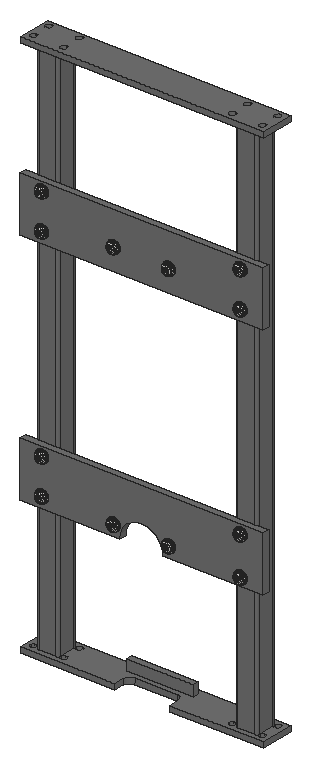
Revit family (continued)
Automatic sketch dimensions
  Extrusion 1 sketch curve to plane 4 = 1 3/8"  (x2)
  Extrusion 1 sketch curve to plane 13 = 5/8"  (x2)
  Extrusion 2 sketch curve to Extrusion 2 sketch curve = 1/4"  (x8)
  Extrusion 3 sketch curve to plane 10 = 0"
  Extrusion 3 sketch curve to plane 16 = 0"
  Revolve 4 sketch curve to plane 15 = 1.67288"
  Revolve 4 sketch curve to Revolve 4 sketch curve = 1.16722"
  Revolve 4 sketch curve to Revolve 4 sketch curve = 0.00469"
  Revolve 4 sketch curve to Revolve 4 sketch curve = 0.00968"
  Revolve 4 sketch curve to Revolve 4 sketch curve = 0.01429"
  Revolve 4 sketch curve to Revolve 4 sketch curve = 0.01792"
  Revolve 4 sketch curve to Revolve 4 sketch curve = 0.04036"
  Revolve 4 sketch curve to Revolve 4 sketch curve = 0.06466"
  Revolve 4 sketch curve to Revolve 4 sketch curve = 0.04467"
  Revolve 4 sketch curve to Revolve 4 sketch curve = 0.04997"
  Revolve 4 sketch curve to Revolve 4 sketch curve = 0.06708"
  Revolve 4 sketch curve to Revolve 4 sketch curve = 0.03549"
  Revolve 4 sketch curve to Revolve 4 sketch curve = 0.03428"
  Revolve 4 sketch curve to Revolve 4 sketch curve = 0.04657"
  Revolve 4 sketch curve to Revolve 4 sketch curve = 0.03407"
  Revolve 4 sketch curve to Revolve 4 sketch curve = 129/256"
  Revolve 4 sketch curve to Revolve 4 sketch curve = 0.00065"
  Revolve 4 sketch curve to Revolve 4 sketch curve = 0.00123"
  Revolve 4 sketch curve to Revolve 4 sketch curve = 0.0001"  (x2)
  Revolve 4 sketch curve to Revolve 4 sketch curve = 0.00012"  (x3)
  Revolve 4 sketch curve to Revolve 4 sketch curve = 0.00013"
  Revolve 4 sketch curve to Revolve 4 sketch curve = 0.00008"
  Revolve 4 sketch curve to Revolve 4 sketch curve = 0.00014"
  Revolve 4 sketch curve to Revolve 4 sketch curve = 0.00028"
  Revolve 4 sketch curve to Revolve 4 sketch curve = 0.00004"  (x2)
  Revolve 4 sketch curve to Revolve 4 sketch curve = 0.00016"
  Revolve 4 sketch curve to Revolve 4 sketch curve = 0.00015"
  Revolve 4 sketch curve to Revolve 4 sketch curve = 0.62489"
  Revolve 4 sketch curve to Revolve 4 sketch curve = 0.16422"
  Revolve 4 sketch curve to Revolve 4 sketch curve = 0.04653"
  Revolve 4 sketch curve to Revolve 4 sketch curve = 0.01228"
  Revolve 4 sketch curve to Revolve 4 sketch curve = 0.0031"
  Revolve 4 sketch curve to Revolve 4 sketch curve = 0"
  Revolve 4 sketch curve to Revolve 4 sketch curve = 0.00003"  (x3)
  Revolve 4 sketch curve to Revolve 4 sketch curve = 0.00006"
  Revolve 4 sketch curve to Revolve 4 sketch curve = 0.00025"
  Revolve 4 sketch curve to Revolve 4 sketch curve = 0.00019"
  Revolve 4 sketch curve to Revolve 4 sketch curve = 0.00034"
  Revolve 5 sketch curve to plane 15 = 1.67288"
  Revolve 5 sketch curve to Revolve 5 sketch curve = 1.16722"
  Revolve 5 sketch curve to Revolve 5 sketch curve = 0.00469"
  Revolve 5 sketch curve to Revolve 5 sketch curve = 0.00968"
  Revolve 5 sketch curve to Revolve 5 sketch curve = 0.01429"
  Revolve 5 sketch curve to Revolve 5 sketch curve = 0.01792"
  Revolve 5 sketch curve to Revolve 5 sketch curve = 0.04036"
  Revolve 5 sketch curve to Revolve 5 sketch curve = 0.06466"
  Revolve 5 sketch curve to Revolve 5 sketch curve = 0.04467"
  Revolve 5 sketch curve to Revolve 5 sketch curve = 0.04997"
  Revolve 5 sketch curve to Revolve 5 sketch curve = 0.06708"
  Revolve 5 sketch curve to Revolve 5 sketch curve = 0.03549"
  Revolve 5 sketch curve to Revolve 5 sketch curve = 0.03428"
  Revolve 5 sketch curve to Revolve 5 sketch curve = 0.04657"
  Revolve 5 sketch curve to Revolve 5 sketch curve = 0.03407"
  Revolve 5 sketch curve to Revolve 5 sketch curve = 129/256"
  Revolve 5 sketch curve to Revolve 5 sketch curve = 0.00065"
  Revolve 5 sketch curve to Revolve 5 sketch curve = 0.00123"
  Revolve 5 sketch curve to Revolve 5 sketch curve = 0.0001"  (x2)
  Revolve 5 sketch curve to Revolve 5 sketch curve = 0.00012"  (x2)
  Revolve 5 sketch curve to Revolve 5 sketch curve = 0.00013"
  Revolve 5 sketch curve to Revolve 5 sketch curve = 0.00008"
  Revolve 5 sketch curve to Revolve 5 sketch curve = 0.00014"
  Revolve 5 sketch curve to Revolve 5 sketch curve = 0.00028"
  Revolve 5 sketch curve to Revolve 5 sketch curve = 0.00004"
  Revolve 5 sketch curve to Revolve 5 sketch curve = 0.00016"
  Revolve 5 sketch curve to Revolve 5 sketch curve = 0.00015"
  Revolve 5 sketch curve to Revolve 5 sketch curve = 0.62489"
  Revolve 5 sketch curve to Revolve 5 sketch curve = 0.16422"
  Revolve 5 sketch curve to Revolve 5 sketch curve = 0.18696"
  Revolve 5 sketch curve to Revolve 5 sketch curve = 0.07686"
  Revolve 5 sketch curve to Revolve 5 sketch curve = 0.08089"
  Revolve 5 sketch curve to Revolve 5 sketch curve = 0.0401"
  Revolve 5 sketch curve to Revolve 5 sketch curve = 0.03491"
  Revolve 5 sketch curve to Revolve 5 sketch curve = 0.03431"
  Revolve 5 sketch curve to Revolve 5 sketch curve = 0.01331"
  Revolve 5 sketch curve to Revolve 5 sketch curve = 0.01003"
  Revolve 5 sketch curve to Revolve 5 sketch curve = 0.00949"
  Revolve 5 sketch curve to Revolve 5 sketch curve = 0.00407"
  Revolve 5 sketch curve to Revolve 5 sketch curve = 0.00177"
  Revolve 5 sketch curve to Revolve 5 sketch curve = 0.04979"
  Revolve 5 sketch curve to Revolve 5 sketch curve = 0.05891"
  Revolve 6 sketch curve to plane 22 = 3/4"
  Revolve 6 sketch curve to plane 15 = 1.67288"
  Revolve 6 sketch curve to Revolve 6 sketch curve = 1.16722"
  Revolve 6 sketch curve to Revolve 6 sketch curve = 0.00469"
  Revolve 6 sketch curve to Revolve 6 sketch curve = 0.00968"
  Revolve 6 sketch curve to Revolve 6 sketch curve = 0.01429"
  Revolve 6 sketch curve to Revolve 6 sketch curve = 0.01792"
  Revolve 6 sketch curve to Revolve 6 sketch curve = 0.04036"
  Revolve 6 sketch curve to Revolve 6 sketch curve = 0.06466"
  Revolve 6 sketch curve to Revolve 6 sketch curve = 0.04467"
  Revolve 6 sketch curve to Revolve 6 sketch curve = 0.04997"
  Revolve 6 sketch curve to Revolve 6 sketch curve = 0.06708"
  Revolve 6 sketch curve to Revolve 6 sketch curve = 0.03549"
  Revolve 6 sketch curve to Revolve 6 sketch curve = 0.03428"
  Revolve 6 sketch curve to Revolve 6 sketch curve = 0.04657"
  Revolve 6 sketch curve to Revolve 6 sketch curve = 0.03407"
  Revolve 6 sketch curve to Revolve 6 sketch curve = 129/256"
  Revolve 6 sketch curve to Revolve 6 sketch curve = 0.00065"
  Revolve 6 sketch curve to Revolve 6 sketch curve = 0.00123"
  Revolve 6 sketch curve to Revolve 6 sketch curve = 0.0001"  (x2)
  Revolve 6 sketch curve to Revolve 6 sketch curve = 0.00012"  (x3)
  Revolve 6 sketch curve to Revolve 6 sketch curve = 0.00013"
  Revolve 6 sketch curve to Revolve 6 sketch curve = 0.00008"
  Revolve 6 sketch curve to Revolve 6 sketch curve = 0.00014"
  Revolve 6 sketch curve to Revolve 6 sketch curve = 0.00028"
  Revolve 6 sketch curve to Revolve 6 sketch curve = 0.00004"  (x2)
  Revolve 6 sketch curve to Revolve 6 sketch curve = 0.00016"
  Revolve 6 sketch curve to Revolve 6 sketch curve = 0.00015"
  Revolve 6 sketch curve to Revolve 6 sketch curve = 0.62489"
  Revolve 6 sketch curve to Revolve 6 sketch curve = 0.16422"
  Revolve 6 sketch curve to Revolve 6 sketch curve = 0.04653"
  Revolve 6 sketch curve to Revolve 6 sketch curve = 0.01228"
  Revolve 6 sketch curve to Revolve 6 sketch curve = 0.0031"
  Revolve 6 sketch curve to Revolve 6 sketch curve = 0"
  Revolve 6 sketch curve to Revolve 6 sketch curve = 0.00003"  (x3)
  Revolve 6 sketch curve to Revolve 6 sketch curve = 0.00006"
  Revolve 6 sketch curve to Revolve 6 sketch curve = 0.00025"
  Revolve 6 sketch curve to Revolve 6 sketch curve = 0.00019"
  Revolve 6 sketch curve to Revolve 6 sketch curve = 0.00034"
  plane 10 to Revolve 7 sketch curve = 3/4"
  Revolve 7 sketch curve to plane 15 = 1.67288"
  Revolve 7 sketch curve to Revolve 7 sketch curve = 1.16722"
  Revolve 7 sketch curve to Revolve 7 sketch curve = 0.00469"
  Revolve 7 sketch curve to Revolve 7 sketch curve = 0.00968"
  Revolve 7 sketch curve to Revolve 7 sketch curve = 0.01429"
  Revolve 7 sketch curve to Revolve 7 sketch curve = 0.01792"
  Revolve 7 sketch curve to Revolve 7 sketch curve = 0.04036"
  Revolve 7 sketch curve to Revolve 7 sketch curve = 0.06466"
  Revolve 7 sketch curve to Revolve 7 sketch curve = 0.04467"
  Revolve 7 sketch curve to Revolve 7 sketch curve = 0.04997"
  Revolve 7 sketch curve to Revolve 7 sketch curve = 0.06708"
  Revolve 7 sketch curve to Revolve 7 sketch curve = 0.03549"
  Revolve 7 sketch curve to Revolve 7 sketch curve = 0.03428"
  Revolve 7 sketch curve to Revolve 7 sketch curve = 0.04657"
  Revolve 7 sketch curve to Revolve 7 sketch curve = 0.03407"
  Revolve 7 sketch curve to Revolve 7 sketch curve = 0.4992"
  Revolve 7 sketch curve to Revolve 7 sketch curve = 0.00065"
  Revolve 7 sketch curve to Revolve 7 sketch curve = 0.00123"
  Revolve 7 sketch curve to Revolve 7 sketch curve = 0.0001"  (x2)
  Revolve 7 sketch curve to Revolve 7 sketch curve = 0.00012"  (x2)
  Revolve 7 sketch curve to Revolve 7 sketch curve = 0.00013"
  Revolve 7 sketch curve to Revolve 7 sketch curve = 0.00008"
  Revolve 7 sketch curve to Revolve 7 sketch curve = 0.00014"
  Revolve 7 sketch curve to Revolve 7 sketch curve = 0.00028"
  Revolve 7 sketch curve to Revolve 7 sketch curve = 0.00004"
  Revolve 7 sketch curve to Revolve 7 sketch curve = 0.00016"
  Revolve 7 sketch curve to Revolve 7 sketch curve = 0.00015"
  Revolve 7 sketch curve to Revolve 7 sketch curve = 0.62489"
  Revolve 7 sketch curve to Revolve 7 sketch curve = 0.16422"
  Revolve 7 sketch curve to Revolve 7 sketch curve = 0.18696"
  Revolve 7 sketch curve to Revolve 7 sketch curve = 0.07686"
  Revolve 7 sketch curve to Revolve 7 sketch curve = 0.08089"
  Revolve 7 sketch curve to Revolve 7 sketch curve = 0.0401"
  Revolve 7 sketch curve to Revolve 7 sketch curve = 0.03491"
  Revolve 7 sketch curve to Revolve 7 sketch curve = 0.03431"
  Revolve 7 sketch curve to Revolve 7 sketch curve = 0.01331"
  Revolve 7 sketch curve to Revolve 7 sketch curve = 0.01003"
  Revolve 7 sketch curve to Revolve 7 sketch curve = 0.00949"
  Revolve 7 sketch curve to Revolve 7 sketch curve = 0.00407"
  Revolve 7 sketch curve to Revolve 7 sketch curve = 0.00177"
  Revolve 7 sketch curve to Revolve 7 sketch curve = 0.04979"
  Revolve 7 sketch curve to Revolve 7 sketch curve = 0.05891"
  Revolve 8 sketch curve to Revolve 8 sketch curve = 0.25556"
  Revolve 8 sketch curve to Revolve 8 sketch curve = 0.07686"
  Revolve 8 sketch curve to Revolve 8 sketch curve = 0.08089"
  Revolve 8 sketch curve to Revolve 8 sketch curve = 0.0401"
  Revolve 8 sketch curve to Revolve 8 sketch curve = 0.03491"
  Revolve 8 sketch curve to Revolve 8 sketch curve = 0.03431"
  Revolve 8 sketch curve to Revolve 8 sketch curve = 0.01331"
  Revolve 8 sketch curve to Revolve 8 sketch curve = 0.01003"
  Revolve 8 sketch curve to Revolve 8 sketch curve = 0.00949"
  Revolve 8 sketch curve to Revolve 8 sketch curve = 0.00407"
  Revolve 8 sketch curve to Revolve 8 sketch curve = 0.00177"
  Revolve 8 sketch curve to Revolve 8 sketch curve = 0.04979"
  Revolve 8 sketch curve to Revolve 8 sketch curve = 0.05891"
  Revolve 8 sketch curve to Revolve 8 sketch curve = 0.0686"
  Revolve 8 sketch curve to Revolve 8 sketch curve = 0.06289"
  Revolve 8 sketch curve to Revolve 8 sketch curve = 0.00004"
  Revolve 8 sketch curve to Revolve 8 sketch curve = 0.00034"
  Revolve 8 sketch curve to Revolve 8 sketch curve = 0.00019"
  Revolve 8 sketch curve to Revolve 8 sketch curve = 0.00012"  (x2)
  Revolve 8 sketch curve to Revolve 8 sketch curve = 0.00016"  (x2)
  Revolve 8 sketch curve to Revolve 8 sketch curve = 0.00006"
  Revolve 8 sketch curve to Revolve 8 sketch curve = 0.00003"  (x2)
  Revolve 8 sketch curve to Revolve 8 sketch curve = 0.00025"
  Revolve 8 sketch curve to Revolve 8 sketch curve = 0"  (x2)
  Revolve 8 sketch curve to Revolve 8 sketch curve = 0.0031"
  Revolve 8 sketch curve to Revolve 8 sketch curve = 0.01228"
  Revolve 8 sketch curve to plane 12 = 0.16422"
  Revolve 8 sketch curve to Revolve 8 sketch curve = 0.16422"
  Revolve 8 sketch curve to Revolve 8 sketch curve = 0.62362"
  Revolve 8 sketch curve to Revolve 8 sketch curve = 0.0001"
  Revolve 8 sketch curve to Revolve 8 sketch curve = 0.00015"
  Revolve 8 sketch curve to Revolve 8 sketch curve = 0.00008"  (x2)
  Revolve 8 sketch curve to Revolve 8 sketch curve = 0.00028"
  Revolve 8 sketch curve to Revolve 8 sketch curve = 0.00014"
  Revolve 8 sketch curve to Revolve 8 sketch curve = 0.00013"
  Revolve 8 sketch curve to Revolve 8 sketch curve = 0.00128"
  Revolve 8 sketch curve to Revolve 8 sketch curve = 0.00133"
  Revolve 8 sketch curve to Revolve 8 sketch curve = 0.00065"
  Revolve 8 sketch curve to Revolve 8 sketch curve = 1.16722"
  Revolve 9 sketch curve to Revolve 9 sketch curve = 0.25556"
  Revolve 9 sketch curve to Revolve 9 sketch curve = 0.07686"
  Revolve 9 sketch curve to Revolve 9 sketch curve = 0.08089"
  Revolve 9 sketch curve to Revolve 9 sketch curve = 0.0401"
  Revolve 9 sketch curve to Revolve 9 sketch curve = 0.03491"
  Revolve 9 sketch curve to Revolve 9 sketch curve = 0.03431"
  Revolve 9 sketch curve to Revolve 9 sketch curve = 0.01331"
  Revolve 9 sketch curve to Revolve 9 sketch curve = 0.01003"
  Revolve 9 sketch curve to Revolve 9 sketch curve = 0.00949"
  Revolve 9 sketch curve to Revolve 9 sketch curve = 0.00407"
  Revolve 9 sketch curve to Revolve 9 sketch curve = 0.00177"
  Revolve 9 sketch curve to Revolve 9 sketch curve = 0.04979"
  Revolve 9 sketch curve to Revolve 9 sketch curve = 0.05891"
  Revolve 9 sketch curve to Revolve 9 sketch curve = 0.0686"
  Revolve 9 sketch curve to Revolve 9 sketch curve = 0.06289"
  Revolve 9 sketch curve to Revolve 9 sketch curve = 0.00004"
  Revolve 9 sketch curve to Revolve 9 sketch curve = 0.00034"
  Revolve 9 sketch curve to Revolve 9 sketch curve = 0.00019"
  Revolve 9 sketch curve to Revolve 9 sketch curve = 0.00012"  (x2)
  Revolve 9 sketch curve to Revolve 9 sketch curve = 0.00016"  (x2)
  Revolve 9 sketch curve to Revolve 9 sketch curve = 0.00006"
  Revolve 9 sketch curve to Revolve 9 sketch curve = 0.00003"  (x2)
  Revolve 9 sketch curve to Revolve 9 sketch curve = 0.00025"
  Revolve 9 sketch curve to Revolve 9 sketch curve = 0"  (x2)
  Revolve 9 sketch curve to Revolve 9 sketch curve = 0.0031"
  Revolve 9 sketch curve to Revolve 9 sketch curve = 0.01228"
  Revolve 9 sketch curve to plane 12 = 0.16422"
  Revolve 9 sketch curve to Revolve 9 sketch curve = 0.16422"
  Revolve 9 sketch curve to Revolve 9 sketch curve = 0.62362"
  Revolve 9 sketch curve to Revolve 9 sketch curve = 0.0001"
  Revolve 9 sketch curve to Revolve 9 sketch curve = 0.00015"
  Revolve 9 sketch curve to Revolve 9 sketch curve = 0.00008"  (x2)
  Revolve 9 sketch curve to Revolve 9 sketch curve = 0.00028"
  Revolve 9 sketch curve to Revolve 9 sketch curve = 0.00014"
  Revolve 9 sketch curve to Revolve 9 sketch curve = 0.00013"
  Revolve 9 sketch curve to Revolve 9 sketch curve = 0.00128"
  Revolve 9 sketch curve to Revolve 9 sketch curve = 0.00133"
  Revolve 9 sketch curve to Revolve 9 sketch curve = 0.00065"
  Revolve 9 sketch curve to Revolve 9 sketch curve = 1.16722"
  Extrusion 10 sketch curve to plane 17 = 8 1/2"
  Extrusion 10 sketch curve to plane 18 = 8 1/2"
  Revolve 11 sketch curve to plane 15 = 1.67288"
  Revolve 11 sketch curve to Revolve 11 sketch curve = 1.16722"
  Revolve 11 sketch curve to Revolve 11 sketch curve = 0.00469"
  Revolve 11 sketch curve to Revolve 11 sketch curve = 0.00968"
  Revolve 11 sketch curve to Revolve 11 sketch curve = 0.01429"
  Revolve 11 sketch curve to Revolve 11 sketch curve = 0.01792"
  Revolve 11 sketch curve to Revolve 11 sketch curve = 0.04036"
  Revolve 11 sketch curve to Revolve 11 sketch curve = 0.06466"
  Revolve 11 sketch curve to Revolve 11 sketch curve = 0.04467"
  Revolve 11 sketch curve to Revolve 11 sketch curve = 0.04997"
  Revolve 11 sketch curve to Revolve 11 sketch curve = 0.06708"
  Revolve 11 sketch curve to Revolve 11 sketch curve = 0.03549"
  Revolve 11 sketch curve to Revolve 11 sketch curve = 0.03428"
  Revolve 11 sketch curve to Revolve 11 sketch curve = 0.04657"
  Revolve 11 sketch curve to Revolve 11 sketch curve = 0.03407"
  Revolve 11 sketch curve to Revolve 11 sketch curve = 129/256"
  Revolve 11 sketch curve to Revolve 11 sketch curve = 0.00065"
  Revolve 11 sketch curve to Revolve 11 sketch curve = 0.00123"
  Revolve 11 sketch curve to Revolve 11 sketch curve = 0.0001"  (x2)
  Revolve 11 sketch curve to Revolve 11 sketch curve = 0.00012"  (x3)
  Revolve 11 sketch curve to Revolve 11 sketch curve = 0.00013"
  Revolve 11 sketch curve to Revolve 11 sketch curve = 0.00008"
  Revolve 11 sketch curve to Revolve 11 sketch curve = 0.00014"
  Revolve 11 sketch curve to Revolve 11 sketch curve = 0.00028"
  Revolve 11 sketch curve to Revolve 11 sketch curve = 0.00004"  (x2)
  Revolve 11 sketch curve to Revolve 11 sketch curve = 0.00016"
  Revolve 11 sketch curve to Revolve 11 sketch curve = 0.00015"
  Revolve 11 sketch curve to Revolve 11 sketch curve = 0.62489"
  Revolve 11 sketch curve to Revolve 11 sketch curve = 0.16422"
  Revolve 11 sketch curve to Revolve 11 sketch curve = 0.04653"
  Revolve 11 sketch curve to Revolve 11 sketch curve = 0.01228"
  Revolve 11 sketch curve to Revolve 11 sketch curve = 0.0031"
  Revolve 11 sketch curve to Revolve 11 sketch curve = 0"
  Revolve 11 sketch curve to Revolve 11 sketch curve = 0.00003"  (x3)
  Revolve 11 sketch curve to Revolve 11 sketch curve = 0.00006"
  Revolve 11 sketch curve to Revolve 11 sketch curve = 0.00025"
  Revolve 11 sketch curve to Revolve 11 sketch curve = 0.00019"
  Revolve 11 sketch curve to Revolve 11 sketch curve = 0.00034"
  Revolve 12 sketch curve to plane 21 = 1"
  Revolve 12 sketch curve to plane 15 = 1.67288"
  Revolve 12 sketch curve to Revolve 12 sketch curve = 1.16722"
  Revolve 12 sketch curve to Revolve 12 sketch curve = 0.00469"
  Revolve 12 sketch curve to Revolve 12 sketch curve = 0.00968"
  Revolve 12 sketch curve to Revolve 12 sketch curve = 0.01429"
  Revolve 12 sketch curve to Revolve 12 sketch curve = 0.01792"
  Revolve 12 sketch curve to Revolve 12 sketch curve = 0.04036"
  Revolve 12 sketch curve to Revolve 12 sketch curve = 0.06466"
  Revolve 12 sketch curve to Revolve 12 sketch curve = 0.04467"
  Revolve 12 sketch curve to Revolve 12 sketch curve = 0.04997"
  Revolve 12 sketch curve to Revolve 12 sketch curve = 0.06708"
  Revolve 12 sketch curve to Revolve 12 sketch curve = 0.03549"
  Revolve 12 sketch curve to Revolve 12 sketch curve = 0.03428"
  Revolve 12 sketch curve to Revolve 12 sketch curve = 0.04657"
  Revolve 12 sketch curve to Revolve 12 sketch curve = 0.03407"
  Revolve 12 sketch curve to Revolve 12 sketch curve = 0.4992"
  Revolve 12 sketch curve to Revolve 12 sketch curve = 0.00065"
  Revolve 12 sketch curve to Revolve 12 sketch curve = 0.00123"
  Revolve 12 sketch curve to Revolve 12 sketch curve = 0.0001"  (x2)
  Revolve 12 sketch curve to Revolve 12 sketch curve = 0.00012"  (x2)
  Revolve 12 sketch curve to Revolve 12 sketch curve = 0.00013"
  Revolve 12 sketch curve to Revolve 12 sketch curve = 0.00008"
  Revolve 12 sketch curve to Revolve 12 sketch curve = 0.00014"
  Revolve 12 sketch curve to Revolve 12 sketch curve = 0.00028"
  Revolve 12 sketch curve to Revolve 12 sketch curve = 0.00004"
  Revolve 12 sketch curve to Revolve 12 sketch curve = 0.00016"
  Revolve 12 sketch curve to Revolve 12 sketch curve = 0.00015"
  Revolve 12 sketch curve to Revolve 12 sketch curve = 0.62489"
  Revolve 12 sketch curve to Revolve 12 sketch curve = 0.16422"
  Revolve 12 sketch curve to Revolve 12 sketch curve = 0.18696"
  Revolve 12 sketch curve to Revolve 12 sketch curve = 0.07686"
  Revolve 12 sketch curve to Revolve 12 sketch curve = 0.08089"
  Revolve 12 sketch curve to Revolve 12 sketch curve = 0.0401"
  Revolve 12 sketch curve to Revolve 12 sketch curve = 0.03491"
  Revolve 12 sketch curve to Revolve 12 sketch curve = 0.03431"
  Revolve 12 sketch curve to Revolve 12 sketch curve = 0.01331"
  Revolve 12 sketch curve to Revolve 12 sketch curve = 0.01003"
  Revolve 12 sketch curve to Revolve 12 sketch curve = 0.00949"
  Revolve 12 sketch curve to Revolve 12 sketch curve = 0.00407"
  Revolve 12 sketch curve to Revolve 12 sketch curve = 0.00177"
  Revolve 12 sketch curve to Revolve 12 sketch curve = 0.04979"
  Revolve 12 sketch curve to Revolve 12 sketch curve = 0.05891"
  plane 11 to Revolve 13 sketch curve = 1 3/4"
  Revolve 13 sketch curve to plane 15 = 1.67288"
  Revolve 13 sketch curve to Revolve 13 sketch curve = 1.16722"
  Revolve 13 sketch curve to Revolve 13 sketch curve = 0.00469"
  Revolve 13 sketch curve to Revolve 13 sketch curve = 0.00968"
  Revolve 13 sketch curve to Revolve 13 sketch curve = 0.01429"
  Revolve 13 sketch curve to Revolve 13 sketch curve = 0.01792"
  Revolve 13 sketch curve to Revolve 13 sketch curve = 0.04036"
  Revolve 13 sketch curve to Revolve 13 sketch curve = 0.06466"
  Revolve 13 sketch curve to Revolve 13 sketch curve = 0.04467"
  Revolve 13 sketch curve to Revolve 13 sketch curve = 0.04997"
  Revolve 13 sketch curve to Revolve 13 sketch curve = 0.06708"
  Revolve 13 sketch curve to Revolve 13 sketch curve = 0.03549"
  Revolve 13 sketch curve to Revolve 13 sketch curve = 0.03428"
  Revolve 13 sketch curve to Revolve 13 sketch curve = 0.04657"
  Revolve 13 sketch curve to Revolve 13 sketch curve = 0.03407"
  Revolve 13 sketch curve to Revolve 13 sketch curve = 129/256"
  Revolve 13 sketch curve to Revolve 13 sketch curve = 0.00065"
  Revolve 13 sketch curve to Revolve 13 sketch curve = 0.00123"
  Revolve 13 sketch curve to Revolve 13 sketch curve = 0.0001"  (x2)
  Revolve 13 sketch curve to Revolve 13 sketch curve = 0.00012"  (x3)
  Revolve 13 sketch curve to Revolve 13 sketch curve = 0.00013"
  Revolve 13 sketch curve to Revolve 13 sketch curve = 0.00008"
  Revolve 13 sketch curve to Revolve 13 sketch curve = 0.00014"
  Revolve 13 sketch curve to Revolve 13 sketch curve = 0.00028"
  Revolve 13 sketch curve to Revolve 13 sketch curve = 0.00004"  (x2)
  Revolve 13 sketch curve to Revolve 13 sketch curve = 0.00016"
  Revolve 13 sketch curve to Revolve 13 sketch curve = 0.00015"
  Revolve 13 sketch curve to Revolve 13 sketch curve = 0.62489"
  Revolve 13 sketch curve to Revolve 13 sketch curve = 0.16422"
  Revolve 13 sketch curve to Revolve 13 sketch curve = 0.04653"
  Revolve 13 sketch curve to Revolve 13 sketch curve = 0.01228"
  Revolve 13 sketch curve to Revolve 13 sketch curve = 0.0031"
  Revolve 13 sketch curve to Revolve 13 sketch curve = 0"
  Revolve 13 sketch curve to Revolve 13 sketch curve = 0.00003"  (x3)
  Revolve 13 sketch curve to Revolve 13 sketch curve = 0.00006"
  Revolve 13 sketch curve to Revolve 13 sketch curve = 0.00025"
  Revolve 13 sketch curve to Revolve 13 sketch curve = 0.00019"
  Revolve 13 sketch curve to Revolve 13 sketch curve = 0.00034"
  Revolve 14 sketch curve to plane 15 = 1.67288"
  Revolve 14 sketch curve to Revolve 14 sketch curve = 1.16722"
  Revolve 14 sketch curve to Revolve 14 sketch curve = 0.00469"
  Revolve 14 sketch curve to Revolve 14 sketch curve = 0.00968"
  Revolve 14 sketch curve to Revolve 14 sketch curve = 0.01429"
  Revolve 14 sketch curve to Revolve 14 sketch curve = 0.01792"
  Revolve 14 sketch curve to Revolve 14 sketch curve = 0.04036"
  Revolve 14 sketch curve to Revolve 14 sketch curve = 0.06466"
  Revolve 14 sketch curve to Revolve 14 sketch curve = 0.04467"
  Revolve 14 sketch curve to Revolve 14 sketch curve = 0.04997"
  Revolve 14 sketch curve to Revolve 14 sketch curve = 0.06708"
  Revolve 14 sketch curve to Revolve 14 sketch curve = 0.03549"
  Revolve 14 sketch curve to Revolve 14 sketch curve = 0.03428"
  Revolve 14 sketch curve to Revolve 14 sketch curve = 0.04657"
  Revolve 14 sketch curve to Revolve 14 sketch curve = 0.03407"
  Revolve 14 sketch curve to Revolve 14 sketch curve = 129/256"
  Revolve 14 sketch curve to Revolve 14 sketch curve = 0.00065"
  Revolve 14 sketch curve to Revolve 14 sketch curve = 0.00123"
  Revolve 14 sketch curve to Revolve 14 sketch curve = 0.0001"  (x2)
  Revolve 14 sketch curve to Revolve 14 sketch curve = 0.00012"  (x2)
  Revolve 14 sketch curve to Revolve 14 sketch curve = 0.00013"
  Revolve 14 sketch curve to Revolve 14 sketch curve = 0.00008"
  Revolve 14 sketch curve to Revolve 14 sketch curve = 0.00014"
  Revolve 14 sketch curve to Revolve 14 sketch curve = 0.00028"
  Revolve 14 sketch curve to Revolve 14 sketch curve = 0.00004"
  Revolve 14 sketch curve to Revolve 14 sketch curve = 0.00016"
  Revolve 14 sketch curve to Revolve 14 sketch curve = 0.00015"
  Revolve 14 sketch curve to Revolve 14 sketch curve = 0.62489"
  Revolve 14 sketch curve to Revolve 14 sketch curve = 0.16422"
  Revolve 14 sketch curve to Revolve 14 sketch curve = 0.18696"
  Revolve 14 sketch curve to Revolve 14 sketch curve = 0.07686"
  Revolve 14 sketch curve to Revolve 14 sketch curve = 0.08089"
  Revolve 14 sketch curve to Revolve 14 sketch curve = 0.0401"
  Revolve 14 sketch curve to Revolve 14 sketch curve = 0.03491"
  Revolve 14 sketch curve to Revolve 14 sketch curve = 0.03431"
  Revolve 14 sketch curve to Revolve 14 sketch curve = 0.01331"
  Revolve 14 sketch curve to Revolve 14 sketch curve = 0.01003"
  Revolve 14 sketch curve to Revolve 14 sketch curve = 0.00949"
  Revolve 14 sketch curve to Revolve 14 sketch curve = 0.00407"
  Revolve 14 sketch curve to Revolve 14 sketch curve = 0.00177"
  Revolve 14 sketch curve to Revolve 14 sketch curve = 0.04979"
  Revolve 14 sketch curve to Revolve 14 sketch curve = 0.05891"
  Revolve 15 sketch curve to Revolve 15 sketch curve = 0.25556"
  Revolve 15 sketch curve to Revolve 15 sketch curve = 0.07686"
  Revolve 15 sketch curve to Revolve 15 sketch curve = 0.08089"
  Revolve 15 sketch curve to Revolve 15 sketch curve = 0.0401"
  Revolve 15 sketch curve to Revolve 15 sketch curve = 0.03491"
  Revolve 15 sketch curve to Revolve 15 sketch curve = 0.03431"
  Revolve 15 sketch curve to Revolve 15 sketch curve = 0.01331"
  Revolve 15 sketch curve to Revolve 15 sketch curve = 0.01003"
  Revolve 15 sketch curve to Revolve 15 sketch curve = 0.00949"
  Revolve 15 sketch curve to Revolve 15 sketch curve = 0.00407"
  Revolve 15 sketch curve to Revolve 15 sketch curve = 0.00177"
  Revolve 15 sketch curve to Revolve 15 sketch curve = 0.04979"
  Revolve 15 sketch curve to Revolve 15 sketch curve = 0.05891"
  Revolve 15 sketch curve to Revolve 15 sketch curve = 0.0686"
  Revolve 15 sketch curve to Revolve 15 sketch curve = 0.06289"
  Revolve 15 sketch curve to Revolve 15 sketch curve = 0.00004"
  Revolve 15 sketch curve to Revolve 15 sketch curve = 0.00034"
  Revolve 15 sketch curve to Revolve 15 sketch curve = 0.00019"
  Revolve 15 sketch curve to Revolve 15 sketch curve = 0.00012"  (x2)
  Revolve 15 sketch curve to Revolve 15 sketch curve = 0.00016"  (x2)
  Revolve 15 sketch curve to Revolve 15 sketch curve = 0.00006"
  Revolve 15 sketch curve to Revolve 15 sketch curve = 0.00003"  (x2)
  Revolve 15 sketch curve to Revolve 15 sketch curve = 0.00025"
  Revolve 15 sketch curve to Revolve 15 sketch curve = 0"  (x2)
  Revolve 15 sketch curve to Revolve 15 sketch curve = 0.0031"
  Revolve 15 sketch curve to Revolve 15 sketch curve = 0.01228"
  Revolve 15 sketch curve to plane 12 = 0.16422"
  Revolve 15 sketch curve to Revolve 15 sketch curve = 0.16422"
  Revolve 15 sketch curve to Revolve 15 sketch curve = 0.62362"
  Revolve 15 sketch curve to Revolve 15 sketch curve = 0.0001"
  Revolve 15 sketch curve to Revolve 15 sketch curve = 0.00015"
  Revolve 15 sketch curve to Revolve 15 sketch curve = 0.00008"  (x2)
  Revolve 15 sketch curve to Revolve 15 sketch curve = 0.00028"
  Revolve 15 sketch curve to Revolve 15 sketch curve = 0.00014"
  Revolve 15 sketch curve to Revolve 15 sketch curve = 0.00013"
  Revolve 15 sketch curve to Revolve 15 sketch curve = 0.00128"
  Revolve 15 sketch curve to Revolve 15 sketch curve = 0.00133"
  Revolve 15 sketch curve to Revolve 15 sketch curve = 0.00065"
  Revolve 15 sketch curve to Revolve 15 sketch curve = 1.16722"
  Revolve 16 sketch curve to Revolve 16 sketch curve = 0.25556"
  Revolve 16 sketch curve to Revolve 16 sketch curve = 0.07686"
  Revolve 16 sketch curve to Revolve 16 sketch curve = 0.08089"
  Revolve 16 sketch curve to Revolve 16 sketch curve = 0.0401"
  Revolve 16 sketch curve to Revolve 16 sketch curve = 0.03491"
  Revolve 16 sketch curve to Revolve 16 sketch curve = 0.03431"
  Revolve 16 sketch curve to Revolve 16 sketch curve = 0.01331"
  Revolve 16 sketch curve to Revolve 16 sketch curve = 0.01003"
  Revolve 16 sketch curve to Revolve 16 sketch curve = 0.00949"
  Revolve 16 sketch curve to Revolve 16 sketch curve = 0.00407"
  Revolve 16 sketch curve to Revolve 16 sketch curve = 0.00177"
  Revolve 16 sketch curve to Revolve 16 sketch curve = 0.04979"
  Revolve 16 sketch curve to Revolve 16 sketch curve = 0.05891"
  Revolve 16 sketch curve to Revolve 16 sketch curve = 0.0686"
  Revolve 16 sketch curve to Revolve 16 sketch curve = 0.06289"
  Revolve 16 sketch curve to Revolve 16 sketch curve = 0.00004"
  Revolve 16 sketch curve to Revolve 16 sketch curve = 0.00034"
  Revolve 16 sketch curve to Revolve 16 sketch curve = 0.00019"
  Revolve 16 sketch curve to Revolve 16 sketch curve = 0.00012"  (x2)
  Revolve 16 sketch curve to Revolve 16 sketch curve = 0.00016"  (x2)
  Revolve 16 sketch curve to Revolve 16 sketch curve = 0.00006"
  Revolve 16 sketch curve to Revolve 16 sketch curve = 0.00003"  (x2)
  Revolve 16 sketch curve to Revolve 16 sketch curve = 0.00025"
  Revolve 16 sketch curve to Revolve 16 sketch curve = 0"  (x2)
  Revolve 16 sketch curve to Revolve 16 sketch curve = 0.0031"
  Revolve 16 sketch curve to Revolve 16 sketch curve = 0.01228"
  Revolve 16 sketch curve to plane 12 = 0.16422"
  Revolve 16 sketch curve to Revolve 16 sketch curve = 0.16422"
  Revolve 16 sketch curve to Revolve 16 sketch curve = 0.62362"
  Revolve 16 sketch curve to Revolve 16 sketch curve = 0.0001"
  Revolve 16 sketch curve to Revolve 16 sketch curve = 0.00015"
  Revolve 16 sketch curve to Revolve 16 sketch curve = 0.00008"  (x2)
  Revolve 16 sketch curve to Revolve 16 sketch curve = 0.00028"
  Revolve 16 sketch curve to Revolve 16 sketch curve = 0.00014"
  Revolve 16 sketch curve to Revolve 16 sketch curve = 0.00013"
  Revolve 16 sketch curve to Revolve 16 sketch curve = 0.00128"
  Revolve 16 sketch curve to Revolve 16 sketch curve = 0.00133"
  Revolve 16 sketch curve to Revolve 16 sketch curve = 0.00065"
  Revolve 16 sketch curve to Revolve 16 sketch curve = 1.16722"
  Extrusion 21 sketch curve to plane 21 = 0"
  Extrusion 21 sketch curve to plane 17 = 8 1/2"
  Extrusion 21 sketch curve to plane 18 = 8 1/2"
  plane 22 to Revolve 22 sketch curve = 3/4"
  Revolve 22 sketch curve to plane 7 = 1.67288"
  Revolve 22 sketch curve to Revolve 22 sketch curve = 1.16722"
  Revolve 22 sketch curve to Revolve 22 sketch curve = 0.00469"
  Revolve 22 sketch curve to Revolve 22 sketch curve = 0.00968"
  Revolve 22 sketch curve to Revolve 22 sketch curve = 0.01429"
  Revolve 22 sketch curve to Revolve 22 sketch curve = 0.01792"
  Revolve 22 sketch curve to Revolve 22 sketch curve = 0.04036"
  Revolve 22 sketch curve to Revolve 22 sketch curve = 0.06466"
  Revolve 22 sketch curve to Revolve 22 sketch curve = 0.04467"
  Revolve 22 sketch curve to Revolve 22 sketch curve = 0.04997"
  Revolve 22 sketch curve to Revolve 22 sketch curve = 0.06708"
  Revolve 22 sketch curve to Revolve 22 sketch curve = 0.03549"
  Revolve 22 sketch curve to Revolve 22 sketch curve = 0.03428"
  Revolve 22 sketch curve to Revolve 22 sketch curve = 0.04657"
  Revolve 22 sketch curve to Revolve 22 sketch curve = 0.03407"
  Revolve 22 sketch curve to Revolve 22 sketch curve = 129/256"
  Revolve 22 sketch curve to Revolve 22 sketch curve = 0.00065"
  Revolve 22 sketch curve to Revolve 22 sketch curve = 0.00123"
  Revolve 22 sketch curve to Revolve 22 sketch curve = 0.0001"  (x2)
  Revolve 22 sketch curve to Revolve 22 sketch curve = 0.00012"  (x2)
  Revolve 22 sketch curve to Revolve 22 sketch curve = 0.00013"
  Revolve 22 sketch curve to Revolve 22 sketch curve = 0.00008"
  Revolve 22 sketch curve to Revolve 22 sketch curve = 0.00014"
  Revolve 22 sketch curve to Revolve 22 sketch curve = 0.00028"
  Revolve 22 sketch curve to Revolve 22 sketch curve = 0.00004"
  Revolve 22 sketch curve to Revolve 22 sketch curve = 0.00016"
  Revolve 22 sketch curve to Revolve 22 sketch curve = 0.00015"
  Revolve 22 sketch curve to Revolve 22 sketch curve = 0.62489"
  Revolve 22 sketch curve to Revolve 22 sketch curve = 0.16422"
  Revolve 22 sketch curve to Revolve 22 sketch curve = 0.18696"
  Revolve 22 sketch curve to Revolve 22 sketch curve = 0.07686"
  Revolve 22 sketch curve to Revolve 22 sketch curve = 0.08089"
  Revolve 22 sketch curve to Revolve 22 sketch curve = 0.0401"
  Revolve 22 sketch curve to Revolve 22 sketch curve = 0.03491"
  Revolve 22 sketch curve to Revolve 22 sketch curve = 0.03431"
  Revolve 22 sketch curve to Revolve 22 sketch curve = 0.01331"
  Revolve 22 sketch curve to Revolve 22 sketch curve = 0.01003"
  Revolve 22 sketch curve to Revolve 22 sketch curve = 0.00949"
  Revolve 22 sketch curve to Revolve 22 sketch curve = 0.00407"
  Revolve 22 sketch curve to Revolve 22 sketch curve = 0.00177"
  Revolve 22 sketch curve to Revolve 22 sketch curve = 0.04979"
  Revolve 22 sketch curve to Revolve 22 sketch curve = 0.05891"
  Revolve 23 sketch curve to plane 10 = 1"
  Revolve 23 sketch curve to plane 7 = 1.67288"
  Revolve 23 sketch curve to Revolve 23 sketch curve = 1.16722"
  Revolve 23 sketch curve to Revolve 23 sketch curve = 0.00469"
  Revolve 23 sketch curve to Revolve 23 sketch curve = 0.00968"
  Revolve 23 sketch curve to Revolve 23 sketch curve = 0.01429"
  Revolve 23 sketch curve to Revolve 23 sketch curve = 0.01792"
  Revolve 23 sketch curve to Revolve 23 sketch curve = 0.04036"
  Revolve 23 sketch curve to Revolve 23 sketch curve = 0.06466"
  Revolve 23 sketch curve to Revolve 23 sketch curve = 0.04467"
  Revolve 23 sketch curve to Revolve 23 sketch curve = 0.04997"
  Revolve 23 sketch curve to Revolve 23 sketch curve = 0.06708"
  Revolve 23 sketch curve to Revolve 23 sketch curve = 0.03549"
  Revolve 23 sketch curve to Revolve 23 sketch curve = 0.03428"
  Revolve 23 sketch curve to Revolve 23 sketch curve = 0.04657"
  Revolve 23 sketch curve to Revolve 23 sketch curve = 0.03407"
  Revolve 23 sketch curve to Revolve 23 sketch curve = 129/256"
  Revolve 23 sketch curve to Revolve 23 sketch curve = 0.00065"
  Revolve 23 sketch curve to Revolve 23 sketch curve = 0.00123"
  Revolve 23 sketch curve to Revolve 23 sketch curve = 0.0001"  (x2)
  Revolve 23 sketch curve to Revolve 23 sketch curve = 0.00012"  (x3)
  Revolve 23 sketch curve to Revolve 23 sketch curve = 0.00013"
  Revolve 23 sketch curve to Revolve 23 sketch curve = 0.00008"
  Revolve 23 sketch curve to Revolve 23 sketch curve = 0.00014"
  Revolve 23 sketch curve to Revolve 23 sketch curve = 0.00028"
  Revolve 23 sketch curve to Revolve 23 sketch curve = 0.00004"  (x2)
  Revolve 23 sketch curve to Revolve 23 sketch curve = 0.00016"
  Revolve 23 sketch curve to Revolve 23 sketch curve = 0.00015"
  Revolve 23 sketch curve to Revolve 23 sketch curve = 0.62489"
  Revolve 23 sketch curve to Revolve 23 sketch curve = 0.16422"
  Revolve 23 sketch curve to Revolve 23 sketch curve = 0.04653"
  Revolve 23 sketch curve to Revolve 23 sketch curve = 0.01228"
  Revolve 23 sketch curve to Revolve 23 sketch curve = 0.0031"
  Revolve 23 sketch curve to Revolve 23 sketch curve = 0"
  Revolve 23 sketch curve to Revolve 23 sketch curve = 0.00003"  (x3)
  Revolve 23 sketch curve to Revolve 23 sketch curve = 0.00006"
  Revolve 23 sketch curve to Revolve 23 sketch curve = 0.00025"
  Revolve 23 sketch curve to Revolve 23 sketch curve = 0.00019"
  Revolve 23 sketch curve to Revolve 23 sketch curve = 0.00034"
  Revolve 24 sketch curve to plane 11 = 1 3/4"
  Revolve 24 sketch curve to plane 7 = 1.67288"
  Revolve 24 sketch curve to Revolve 24 sketch curve = 1.16722"
  Revolve 24 sketch curve to Revolve 24 sketch curve = 0.00469"
  Revolve 24 sketch curve to Revolve 24 sketch curve = 0.00968"
  Revolve 24 sketch curve to Revolve 24 sketch curve = 0.01429"
  Revolve 24 sketch curve to Revolve 24 sketch curve = 0.01792"
  Revolve 24 sketch curve to Revolve 24 sketch curve = 0.04036"
  Revolve 24 sketch curve to Revolve 24 sketch curve = 0.06466"
  Revolve 24 sketch curve to Revolve 24 sketch curve = 0.04467"
  Revolve 24 sketch curve to Revolve 24 sketch curve = 0.04997"
  Revolve 24 sketch curve to Revolve 24 sketch curve = 0.06708"
  Revolve 24 sketch curve to Revolve 24 sketch curve = 0.03549"
  Revolve 24 sketch curve to Revolve 24 sketch curve = 0.03428"
  Revolve 24 sketch curve to Revolve 24 sketch curve = 0.04657"
  Revolve 24 sketch curve to Revolve 24 sketch curve = 0.03407"
  Revolve 24 sketch curve to Revolve 24 sketch curve = 129/256"
  Revolve 24 sketch curve to Revolve 24 sketch curve = 0.00065"
  Revolve 24 sketch curve to Revolve 24 sketch curve = 0.00123"
  Revolve 24 sketch curve to Revolve 24 sketch curve = 0.0001"  (x2)
  Revolve 24 sketch curve to Revolve 24 sketch curve = 0.00012"  (x2)
  Revolve 24 sketch curve to Revolve 24 sketch curve = 0.00013"
  Revolve 24 sketch curve to Revolve 24 sketch curve = 0.00008"
  Revolve 24 sketch curve to Revolve 24 sketch curve = 0.00014"
  Revolve 24 sketch curve to Revolve 24 sketch curve = 0.00028"
  Revolve 24 sketch curve to Revolve 24 sketch curve = 0.00004"
  Revolve 24 sketch curve to Revolve 24 sketch curve = 0.00016"
  Revolve 24 sketch curve to Revolve 24 sketch curve = 0.00015"
  Revolve 24 sketch curve to Revolve 24 sketch curve = 0.62489"
  Revolve 24 sketch curve to Revolve 24 sketch curve = 0.16422"
  Revolve 24 sketch curve to Revolve 24 sketch curve = 0.18696"
  Revolve 24 sketch curve to Revolve 24 sketch curve = 0.07686"
  Revolve 24 sketch curve to Revolve 24 sketch curve = 0.08089"
  Revolve 24 sketch curve to Revolve 24 sketch curve = 0.0401"
  Revolve 24 sketch curve to Revolve 24 sketch curve = 0.03491"
  Revolve 24 sketch curve to Revolve 24 sketch curve = 0.03431"
  Revolve 24 sketch curve to Revolve 24 sketch curve = 0.01331"
  Revolve 24 sketch curve to Revolve 24 sketch curve = 0.01003"
  Revolve 24 sketch curve to Revolve 24 sketch curve = 0.00949"
  Revolve 24 sketch curve to Revolve 24 sketch curve = 0.00407"
  Revolve 24 sketch curve to Revolve 24 sketch curve = 0.00177"
  Revolve 24 sketch curve to Revolve 24 sketch curve = 0.04979"
  Revolve 24 sketch curve to Revolve 24 sketch curve = 0.05891"
  Revolve 25 sketch curve to plane 21 = 1"
  Revolve 25 sketch curve to plane 7 = 1.67288"
  Revolve 25 sketch curve to Revolve 25 sketch curve = 1.16722"
  Revolve 25 sketch curve to Revolve 25 sketch curve = 0.00469"
  Revolve 25 sketch curve to Revolve 25 sketch curve = 0.00968"
  Revolve 25 sketch curve to Revolve 25 sketch curve = 0.01429"
  Revolve 25 sketch curve to Revolve 25 sketch curve = 0.01792"
  Revolve 25 sketch curve to Revolve 25 sketch curve = 0.04036"
  Revolve 25 sketch curve to Revolve 25 sketch curve = 0.06466"
  Revolve 25 sketch curve to Revolve 25 sketch curve = 0.04467"
  Revolve 25 sketch curve to Revolve 25 sketch curve = 0.04997"
  Revolve 25 sketch curve to Revolve 25 sketch curve = 0.06708"
  Revolve 25 sketch curve to Revolve 25 sketch curve = 0.03549"
  Revolve 25 sketch curve to Revolve 25 sketch curve = 0.03428"
  Revolve 25 sketch curve to Revolve 25 sketch curve = 0.04657"
  Revolve 25 sketch curve to Revolve 25 sketch curve = 0.03407"
  Revolve 25 sketch curve to Revolve 25 sketch curve = 0.4992"
  Revolve 25 sketch curve to Revolve 25 sketch curve = 0.00065"
  Revolve 25 sketch curve to Revolve 25 sketch curve = 0.00123"
  Revolve 25 sketch curve to Revolve 25 sketch curve = 0.0001"  (x2)
  Revolve 25 sketch curve to Revolve 25 sketch curve = 0.00012"  (x3)
  Revolve 25 sketch curve to Revolve 25 sketch curve = 0.00013"
  Revolve 25 sketch curve to Revolve 25 sketch curve = 0.00008"
  Revolve 25 sketch curve to Revolve 25 sketch curve = 0.00014"
  Revolve 25 sketch curve to Revolve 25 sketch curve = 0.00028"
  Revolve 25 sketch curve to Revolve 25 sketch curve = 0.00004"  (x2)
  Revolve 25 sketch curve to Revolve 25 sketch curve = 0.00016"
  Revolve 25 sketch curve to Revolve 25 sketch curve = 0.00015"
  Revolve 25 sketch curve to Revolve 25 sketch curve = 0.62489"
  Revolve 25 sketch curve to Revolve 25 sketch curve = 0.16422"
  Revolve 25 sketch curve to Revolve 25 sketch curve = 0.04653"
  Revolve 25 sketch curve to Revolve 25 sketch curve = 0.01228"
  Revolve 25 sketch curve to Revolve 25 sketch curve = 0.0031"
  Revolve 25 sketch curve to Revolve 25 sketch curve = 0"
  Revolve 25 sketch curve to Revolve 25 sketch curve = 0.00003"  (x3)
  Revolve 25 sketch curve to Revolve 25 sketch curve = 0.00006"
  Revolve 25 sketch curve to Revolve 25 sketch curve = 0.00025"
  Revolve 25 sketch curve to Revolve 25 sketch curve = 0.00019"
  Revolve 25 sketch curve to Revolve 25 sketch curve = 0.00034"
  plane 10 to Revolve 26 sketch curve = 0.4387"
  Revolve 26 sketch curve to Revolve 26 sketch curve = 0.00177"
  Revolve 26 sketch curve to Revolve 26 sketch curve = 0.00407"
  Revolve 26 sketch curve to Revolve 26 sketch curve = 0.00949"
  Revolve 26 sketch curve to Revolve 26 sketch curve = 0.01003"
  Revolve 26 sketch curve to Revolve 26 sketch curve = 0.01331"
  Revolve 26 sketch curve to Revolve 26 sketch curve = 0.03431"
  Revolve 26 sketch curve to Revolve 26 sketch curve = 0.03491"
  Revolve 26 sketch curve to Revolve 26 sketch curve = 0.0401"
  Revolve 26 sketch curve to Revolve 26 sketch curve = 0.08089"
  Revolve 26 sketch curve to Revolve 26 sketch curve = 0.07686"
  Revolve 26 sketch curve to Revolve 26 sketch curve = 0.3113"
  Revolve 26 sketch curve to Revolve 26 sketch curve = 0.04979"
  Revolve 26 sketch curve to Revolve 26 sketch curve = 0.05891"
  Revolve 26 sketch curve to Revolve 26 sketch curve = 0.0686"
  Revolve 26 sketch curve to Revolve 26 sketch curve = 0.06289"
  Revolve 26 sketch curve to Revolve 26 sketch curve = 0.00004"
  Revolve 26 sketch curve to Revolve 26 sketch curve = 0.00034"
  Revolve 26 sketch curve to Revolve 26 sketch curve = 0.00019"
  Revolve 26 sketch curve to Revolve 26 sketch curve = 0.00012"
  Revolve 26 sketch curve to Revolve 26 sketch curve = 0.00016"
  Revolve 26 sketch curve to Revolve 26 sketch curve = 0.00006"
  Revolve 26 sketch curve to Revolve 26 sketch curve = 0.00003"  (x2)
  Revolve 26 sketch curve to Revolve 26 sketch curve = 0.00025"
  Revolve 26 sketch curve to Revolve 26 sketch curve = 0"
  Revolve 26 sketch curve to Revolve 26 sketch curve = 0.0031"
  Revolve 26 sketch curve to Revolve 26 sketch curve = 0.01228"
  Revolve 26 sketch curve to plane 7 = 1.67288"
  Revolve 26 sketch curve to Revolve 26 sketch curve = 1.16722"
  Revolve 26 sketch curve to Revolve 26 sketch curve = 0.00469"
  Revolve 26 sketch curve to Revolve 26 sketch curve = 0.00968"
  Revolve 26 sketch curve to Revolve 26 sketch curve = 0.01429"
  Revolve 26 sketch curve to Revolve 26 sketch curve = 0.01792"
  Revolve 26 sketch curve to Revolve 26 sketch curve = 0.04036"
  Revolve 26 sketch curve to Revolve 26 sketch curve = 0.06466"
  Revolve 26 sketch curve to Revolve 26 sketch curve = 0.04467"
  Revolve 26 sketch curve to Revolve 26 sketch curve = 0.04997"
  Revolve 26 sketch curve to Revolve 26 sketch curve = 0.06708"
  Revolve 26 sketch curve to Revolve 26 sketch curve = 0.03549"
  Revolve 26 sketch curve to Revolve 26 sketch curve = 0.03428"
  Revolve 26 sketch curve to Revolve 26 sketch curve = 0.04657"
  Revolve 26 sketch curve to Revolve 26 sketch curve = 0.03407"
  Revolve 26 sketch curve to Revolve 26 sketch curve = 0.49989"
  Revolve 26 sketch curve to Revolve 26 sketch curve = 0.28922"
  Revolve 27 sketch curve to plane 11 = 1.0613"
  Revolve 27 sketch curve to Revolve 27 sketch curve = 0.00177"
  Revolve 27 sketch curve to Revolve 27 sketch curve = 0.00407"
  Revolve 27 sketch curve to Revolve 27 sketch curve = 0.00949"
  Revolve 27 sketch curve to Revolve 27 sketch curve = 0.01003"
  Revolve 27 sketch curve to Revolve 27 sketch curve = 0.01331"
  Revolve 27 sketch curve to Revolve 27 sketch curve = 0.03431"
  Revolve 27 sketch curve to Revolve 27 sketch curve = 0.03491"
  Revolve 27 sketch curve to Revolve 27 sketch curve = 0.0401"
  Revolve 27 sketch curve to Revolve 27 sketch curve = 0.08089"
  Revolve 27 sketch curve to Revolve 27 sketch curve = 0.07686"
  Revolve 27 sketch curve to Revolve 27 sketch curve = 0.3113"
  Revolve 27 sketch curve to Revolve 27 sketch curve = 0.04979"
  Revolve 27 sketch curve to Revolve 27 sketch curve = 0.05891"
  Revolve 27 sketch curve to Revolve 27 sketch curve = 0.0686"
  Revolve 27 sketch curve to Revolve 27 sketch curve = 0.06289"
  Revolve 27 sketch curve to Revolve 27 sketch curve = 0.00004"
  Revolve 27 sketch curve to Revolve 27 sketch curve = 0.00034"
  Revolve 27 sketch curve to Revolve 27 sketch curve = 0.00019"
  Revolve 27 sketch curve to Revolve 27 sketch curve = 0.00012"
  Revolve 27 sketch curve to Revolve 27 sketch curve = 0.00016"
  Revolve 27 sketch curve to Revolve 27 sketch curve = 0.00006"
  Revolve 27 sketch curve to Revolve 27 sketch curve = 0.00003"  (x2)
  Revolve 27 sketch curve to Revolve 27 sketch curve = 0.00025"
  Revolve 27 sketch curve to Revolve 27 sketch curve = 0"
  Revolve 27 sketch curve to Revolve 27 sketch curve = 0.0031"
  Revolve 27 sketch curve to Revolve 27 sketch curve = 0.01228"
  Revolve 27 sketch curve to plane 7 = 1.67288"
  Revolve 27 sketch curve to Revolve 27 sketch curve = 1.16722"
  Revolve 27 sketch curve to Revolve 27 sketch curve = 0.00469"
  Revolve 27 sketch curve to Revolve 27 sketch curve = 0.00968"
  Revolve 27 sketch curve to Revolve 27 sketch curve = 0.01429"
  Revolve 27 sketch curve to Revolve 27 sketch curve = 0.01792"
  Revolve 27 sketch curve to Revolve 27 sketch curve = 0.04036"
  Revolve 27 sketch curve to Revolve 27 sketch curve = 0.06466"
  Revolve 27 sketch curve to Revolve 27 sketch curve = 0.04467"
  Revolve 27 sketch curve to Revolve 27 sketch curve = 0.04997"
  Revolve 27 sketch curve to Revolve 27 sketch curve = 0.06708"
  Revolve 27 sketch curve to Revolve 27 sketch curve = 0.03549"
  Revolve 27 sketch curve to Revolve 27 sketch curve = 0.03428"
  Revolve 27 sketch curve to Revolve 27 sketch curve = 0.04657"
  Revolve 27 sketch curve to Revolve 27 sketch curve = 0.03407"
  Revolve 27 sketch curve to Revolve 27 sketch curve = 0.48319"
  Revolve 27 sketch curve to Revolve 27 sketch curve = 0.30592"
  Revolve 28 sketch curve to plane 10 = 0.4387"
  Revolve 28 sketch curve to Revolve 28 sketch curve = 0.00177"
  Revolve 28 sketch curve to Revolve 28 sketch curve = 0.00407"
  Revolve 28 sketch curve to Revolve 28 sketch curve = 0.00949"
  Revolve 28 sketch curve to Revolve 28 sketch curve = 0.01003"
  Revolve 28 sketch curve to Revolve 28 sketch curve = 0.01331"
  Revolve 28 sketch curve to Revolve 28 sketch curve = 0.03431"
  Revolve 28 sketch curve to Revolve 28 sketch curve = 0.03491"
  Revolve 28 sketch curve to Revolve 28 sketch curve = 0.0401"
  Revolve 28 sketch curve to Revolve 28 sketch curve = 0.08089"
  Revolve 28 sketch curve to Revolve 28 sketch curve = 0.07686"
  Revolve 28 sketch curve to Revolve 28 sketch curve = 0.3113"
  Revolve 28 sketch curve to Revolve 28 sketch curve = 0.04979"
  Revolve 28 sketch curve to Revolve 28 sketch curve = 0.05891"
  Revolve 28 sketch curve to Revolve 28 sketch curve = 0.0686"
  Revolve 28 sketch curve to Revolve 28 sketch curve = 0.06289"
  Revolve 28 sketch curve to Revolve 28 sketch curve = 0.00004"
  Revolve 28 sketch curve to Revolve 28 sketch curve = 0.00034"
  Revolve 28 sketch curve to Revolve 28 sketch curve = 0.00019"
  Revolve 28 sketch curve to Revolve 28 sketch curve = 0.00012"
  Revolve 28 sketch curve to Revolve 28 sketch curve = 0.00016"
  Revolve 28 sketch curve to Revolve 28 sketch curve = 0.00006"
  Revolve 28 sketch curve to Revolve 28 sketch curve = 0.00003"  (x2)
  Revolve 28 sketch curve to Revolve 28 sketch curve = 0.00025"
  Revolve 28 sketch curve to Revolve 28 sketch curve = 0"
  Revolve 28 sketch curve to Revolve 28 sketch curve = 0.0031"
  Revolve 28 sketch curve to Revolve 28 sketch curve = 0.01228"
  Revolve 28 sketch curve to plane 7 = 1.67288"
  Revolve 28 sketch curve to Revolve 28 sketch curve = 1.16722"
  Revolve 28 sketch curve to Revolve 28 sketch curve = 0.00469"
  Revolve 28 sketch curve to Revolve 28 sketch curve = 0.00968"
  Revolve 28 sketch curve to Revolve 28 sketch curve = 0.01429"
  Revolve 28 sketch curve to Revolve 28 sketch curve = 0.01792"
  Revolve 28 sketch curve to Revolve 28 sketch curve = 0.04036"
  Revolve 28 sketch curve to Revolve 28 sketch curve = 0.06466"
  Revolve 28 sketch curve to Revolve 28 sketch curve = 0.04467"
  Revolve 28 sketch curve to Revolve 28 sketch curve = 0.04997"
  Revolve 28 sketch curve to Revolve 28 sketch curve = 0.06708"
  Revolve 28 sketch curve to Revolve 28 sketch curve = 0.03549"
  Revolve 28 sketch curve to Revolve 28 sketch curve = 0.03428"
  Revolve 28 sketch curve to Revolve 28 sketch curve = 0.04657"
  Revolve 28 sketch curve to Revolve 28 sketch curve = 0.03407"
  Revolve 28 sketch curve to Revolve 28 sketch curve = 0.49989"
  Revolve 28 sketch curve to Revolve 28 sketch curve = 0.28922"
  plane 11 to Revolve 29 sketch curve = 1.0613"
  Revolve 29 sketch curve to Revolve 29 sketch curve = 0.00177"
  Revolve 29 sketch curve to Revolve 29 sketch curve = 0.00407"
  Revolve 29 sketch curve to Revolve 29 sketch curve = 0.00949"
  Revolve 29 sketch curve to Revolve 29 sketch curve = 0.01003"
  Revolve 29 sketch curve to Revolve 29 sketch curve = 0.01331"
  Revolve 29 sketch curve to Revolve 29 sketch curve = 0.03431"
  Revolve 29 sketch curve to Revolve 29 sketch curve = 0.03491"
  Revolve 29 sketch curve to Revolve 29 sketch curve = 0.0401"
  Revolve 29 sketch curve to Revolve 29 sketch curve = 0.08089"
  Revolve 29 sketch curve to Revolve 29 sketch curve = 0.07686"
  Revolve 29 sketch curve to Revolve 29 sketch curve = 0.3113"
  Revolve 29 sketch curve to Revolve 29 sketch curve = 0.04979"
  Revolve 29 sketch curve to Revolve 29 sketch curve = 0.05891"
  Revolve 29 sketch curve to Revolve 29 sketch curve = 0.0686"
  Revolve 29 sketch curve to Revolve 29 sketch curve = 0.06289"
  Revolve 29 sketch curve to Revolve 29 sketch curve = 0.00004"
  Revolve 29 sketch curve to Revolve 29 sketch curve = 0.00034"
  Revolve 29 sketch curve to Revolve 29 sketch curve = 0.00019"
  Revolve 29 sketch curve to Revolve 29 sketch curve = 0.00012"
  Revolve 29 sketch curve to Revolve 29 sketch curve = 0.00016"
  Revolve 29 sketch curve to Revolve 29 sketch curve = 0.00006"
  Revolve 29 sketch curve to Revolve 29 sketch curve = 0.00003"  (x2)
  Revolve 29 sketch curve to Revolve 29 sketch curve = 0.00025"
  Revolve 29 sketch curve to Revolve 29 sketch curve = 0"
  Revolve 29 sketch curve to Revolve 29 sketch curve = 0.0031"
  Revolve 29 sketch curve to Revolve 29 sketch curve = 0.01228"
  Revolve 29 sketch curve to plane 7 = 1.67288"
  Revolve 29 sketch curve to Revolve 29 sketch curve = 1.16722"
  Revolve 29 sketch curve to Revolve 29 sketch curve = 0.00469"
  Revolve 29 sketch curve to Revolve 29 sketch curve = 0.00968"
  Revolve 29 sketch curve to Revolve 29 sketch curve = 0.01429"
  Revolve 29 sketch curve to Revolve 29 sketch curve = 0.01792"
  Revolve 29 sketch curve to Revolve 29 sketch curve = 0.04036"
  Revolve 29 sketch curve to Revolve 29 sketch curve = 0.06466"
  Revolve 29 sketch curve to Revolve 29 sketch curve = 0.04467"
  Revolve 29 sketch curve to Revolve 29 sketch curve = 0.04997"
  Revolve 29 sketch curve to Revolve 29 sketch curve = 0.06708"
  Revolve 29 sketch curve to Revolve 29 sketch curve = 0.03549"
  Revolve 29 sketch curve to Revolve 29 sketch curve = 0.03428"
  Revolve 29 sketch curve to Revolve 29 sketch curve = 0.04657"
  Revolve 29 sketch curve to Revolve 29 sketch curve = 0.03407"
  Revolve 29 sketch curve to Revolve 29 sketch curve = 0.49989"
  Revolve 29 sketch curve to Revolve 29 sketch curve = 0.28922"
  Revolve 30 sketch curve to plane 22 = 3/4"
  Revolve 30 sketch curve to plane 7 = 1.67288"
  Revolve 30 sketch curve to Revolve 30 sketch curve = 1.16722"
  Revolve 30 sketch curve to Revolve 30 sketch curve = 0.00469"
  Revolve 30 sketch curve to Revolve 30 sketch curve = 0.00968"
  Revolve 30 sketch curve to Revolve 30 sketch curve = 0.01429"
  Revolve 30 sketch curve to Revolve 30 sketch curve = 0.01792"
  Revolve 30 sketch curve to Revolve 30 sketch curve = 0.04036"
  Revolve 30 sketch curve to Revolve 30 sketch curve = 0.06466"
  Revolve 30 sketch curve to Revolve 30 sketch curve = 0.04467"
  Revolve 30 sketch curve to Revolve 30 sketch curve = 0.04997"
  Revolve 30 sketch curve to Revolve 30 sketch curve = 0.06708"
  Revolve 30 sketch curve to Revolve 30 sketch curve = 0.03549"
  Revolve 30 sketch curve to Revolve 30 sketch curve = 0.03428"
  Revolve 30 sketch curve to Revolve 30 sketch curve = 0.04657"
  Revolve 30 sketch curve to Revolve 30 sketch curve = 0.03407"
  Revolve 30 sketch curve to Revolve 30 sketch curve = 0.4992"
  Revolve 30 sketch curve to Revolve 30 sketch curve = 0.00065"
  Revolve 30 sketch curve to Revolve 30 sketch curve = 0.00123"
  Revolve 30 sketch curve to Revolve 30 sketch curve = 0.0001"  (x2)
  Revolve 30 sketch curve to Revolve 30 sketch curve = 0.00012"  (x2)
  Revolve 30 sketch curve to Revolve 30 sketch curve = 0.00013"
  Revolve 30 sketch curve to Revolve 30 sketch curve = 0.00008"
  Revolve 30 sketch curve to Revolve 30 sketch curve = 0.00014"
  Revolve 30 sketch curve to Revolve 30 sketch curve = 0.00028"
  Revolve 30 sketch curve to Revolve 30 sketch curve = 0.00004"
  Revolve 30 sketch curve to Revolve 30 sketch curve = 0.00016"
  Revolve 30 sketch curve to Revolve 30 sketch curve = 0.00015"
  Revolve 30 sketch curve to Revolve 30 sketch curve = 0.62489"
  Revolve 30 sketch curve to Revolve 30 sketch curve = 0.16422"
  Revolve 30 sketch curve to Revolve 30 sketch curve = 0.18696"
  Revolve 30 sketch curve to Revolve 30 sketch curve = 0.07686"
  Revolve 30 sketch curve to Revolve 30 sketch curve = 0.08089"
  Revolve 30 sketch curve to Revolve 30 sketch curve = 0.0401"
  Revolve 30 sketch curve to Revolve 30 sketch curve = 0.03491"
  Revolve 30 sketch curve to Revolve 30 sketch curve = 0.03431"
  Revolve 30 sketch curve to Revolve 30 sketch curve = 0.01331"
  Revolve 30 sketch curve to Revolve 30 sketch curve = 0.01003"
  Revolve 30 sketch curve to Revolve 30 sketch curve = 0.00949"
  Revolve 30 sketch curve to Revolve 30 sketch curve = 0.00407"
  Revolve 30 sketch curve to Revolve 30 sketch curve = 0.00177"
  Revolve 30 sketch curve to Revolve 30 sketch curve = 0.04979"
  Revolve 30 sketch curve to Revolve 30 sketch curve = 0.05891"
  plane 10 to Revolve 31 sketch curve = 3/4"
  Revolve 31 sketch curve to plane 7 = 1.67288"
  Revolve 31 sketch curve to Revolve 31 sketch curve = 1.16722"
  Revolve 31 sketch curve to Revolve 31 sketch curve = 0.00469"
  Revolve 31 sketch curve to Revolve 31 sketch curve = 0.00968"
  Revolve 31 sketch curve to Revolve 31 sketch curve = 0.01429"
  Revolve 31 sketch curve to Revolve 31 sketch curve = 0.01792"
  Revolve 31 sketch curve to Revolve 31 sketch curve = 0.04036"
  Revolve 31 sketch curve to Revolve 31 sketch curve = 0.06466"
  Revolve 31 sketch curve to Revolve 31 sketch curve = 0.04467"
  Revolve 31 sketch curve to Revolve 31 sketch curve = 0.04997"
  Revolve 31 sketch curve to Revolve 31 sketch curve = 0.06708"
  Revolve 31 sketch curve to Revolve 31 sketch curve = 0.03549"
  Revolve 31 sketch curve to Revolve 31 sketch curve = 0.03428"
  Revolve 31 sketch curve to Revolve 31 sketch curve = 0.04657"
  Revolve 31 sketch curve to Revolve 31 sketch curve = 0.03407"
  Revolve 31 sketch curve to Revolve 31 sketch curve = 129/256"
  Revolve 31 sketch curve to Revolve 31 sketch curve = 0.00065"
  Revolve 31 sketch curve to Revolve 31 sketch curve = 0.00123"
  Revolve 31 sketch curve to Revolve 31 sketch curve = 0.0001"  (x2)
  Revolve 31 sketch curve to Revolve 31 sketch curve = 0.00012"  (x3)
  Revolve 31 sketch curve to Revolve 31 sketch curve = 0.00013"
  Revolve 31 sketch curve to Revolve 31 sketch curve = 0.00008"
  Revolve 31 sketch curve to Revolve 31 sketch curve = 0.00014"
  Revolve 31 sketch curve to Revolve 31 sketch curve = 0.00028"
  Revolve 31 sketch curve to Revolve 31 sketch curve = 0.00004"  (x2)
  Revolve 31 sketch curve to Revolve 31 sketch curve = 0.00016"
  Revolve 31 sketch curve to Revolve 31 sketch curve = 0.00015"
  Revolve 31 sketch curve to Revolve 31 sketch curve = 0.62489"
  Revolve 31 sketch curve to Revolve 31 sketch curve = 0.16422"
  Revolve 31 sketch curve to Revolve 31 sketch curve = 0.04653"
